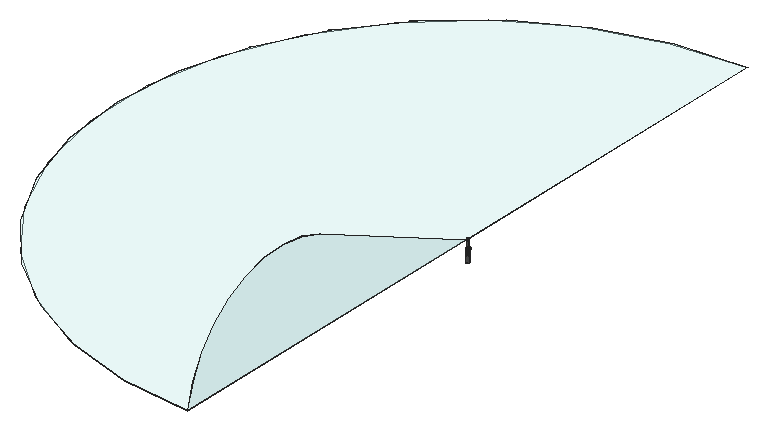
Revit family "Rotor 3500 Series - 3500SPCSAM", category Acessórios do tubo, Revit 2020
Family settings
  Cota do conector redondo = Utilizar diâmetro
  Tipo de parte = Normal
  Número OmniClass = 23.60.30.11.14
  Título OmniClass = Pipework Fittings
  Com base no plano de trabalho = Não
  Sempre na vertical = Sim
  Corte com vazios quando carregada = Não
  Compartilhado = Não
Parameters (values of type "Nozzle 0.75")
  Water = Water
  URL = "https://www.rainbird.com/"
  TABLE PRESSURE = "Press."
  TABLE 55 = "TABLE 55psi"
  TABLE 45 = "TABLE 45psi"
  TABLE 35 = "TABLE 35psi"
  TABLE 25 = "TABLE 25psi"
  SupportProjetos: Reviw Date = ""  # constant formula
  SupportProjetos: Reviw = "R00"  # constant formula
  SupportProjetos: Level of Detail = "LOD 300"  # constant formula
  SupportProjetos: Developed = "MICHEL SOARES MOTA"  # constant formula
  SupportProjetos: Creation Date = "06/08/2020"  # constant formula
  Side inlet = no
  Rotation Water Visibility [instance] = Pop up on  # yes
  Rotation Angle [instance] = 180.00°
  RainBird: Product Link = "https://www.rainbird.com/"
  RainBird: Description = "3500SPCSAM: 4 Rotor "  # constant formula
  RainBird: Comment [instance] = ""
  RainBird: Code = "Y34900"  # constant formula
  Radius [instance] = if(Instance = 1, size_lookup(TABLE PRESSURE, "Radius75", 0 ft, Pressure), if(Instance = 2, size_lookup(TABLE PRESSURE, "Radius1", 0 ft, Pressure), if(Instance = 3, size_lookup(TABLE PRESSURE, "Radius15", 0 ft, Pressure), if(Instance = 4, size_lookup(TABLE PRESSURE, "Radius2", 0 ft, Pressure), if(Instance = 5, size_lookup(TABLE PRESSURE, "Radius3", 0 ft, Pressure), if(Instance = 6, size_lookup(TABLE PRESSURE, "Radius4", 0 ft, Pressure), 0 ft))))))  # 15 ft
  RT = 0.009893 ft
  RN = 0.032808 ft
  R5 = 0.03937 ft
  R4 = 0.04101 ft
  R3 = 0.065617 ft
  R2 = 0.075407 ft
  R1 = 0.032808 ft
  Pressure [instance] = 25.0 psi
  Pop up height = 0.334646 ft
  Pop up on [instance] = yes
  Modelo = "3500SPCSAM"  # constant formula
  Instance = 1
  H1 = Body height / 3  # 0.194663 ft
  Flow [instance] = if(Pressure = 25.0 psi, size_lookup(TABLE 25, "Flow", 0.0 GPM, Radius), if(Pressure = 35.0 psi, size_lookup(TABLE 35, "Flow", 0.0 GPM, Radius), if(Pressure = 45.0 psi, size_lookup(TABLE 45, "Flow", 0.0 GPM, Radius), if(Pressure = 55.0 psi, size_lookup(TABLE 55, "Flow", 0.0 GPM, Radius), 0.0 GPM))))  # 0.54 GPM
  Fabricante = "Rain Bird"
  Elevação padrão = 0 ft
  Description = RainBird: Description  # "3500SPCSAM: 4 Rotor "
  DD13 = 0.002625 ft
  DD12 = 0.003937 ft
  DD11 = 0.009897 ft
  DD10 = 0.016404 ft
  DD8 [instance] = if(Pop up on, Pop up height, 0 ft)  # 0.334646 ft
  DD7 = 0.019685 ft
  DD6 [instance] = 0.016404 ft
  DD5 = 0.065617 ft
  DD4 = 0.032808 ft
  DD3 = 0.091048 ft
  DD2 [instance] = 0.024514 ft
  DD9 [instance] = if(Pop up on, Pop up height + 0.049541 ft, 0 ft)  # 0.384186 ft
  DD1 = 0.006562 ft
  Conection = 0.062664 ft  # constant formula
  Body height = 0.58399 ft
  Blue = Blue Plastic
  Black Plastic = Black Plastic
  Angle = 25.00°
Types (7, lengths in ft): name | Rotation Angle | Radius | Pressure | Instance | Flow
  (no name) | 180.00° | 15 | 25.0 psi | 1 | 0.54 GPM
  Nozzle 0.75 | 180.00° | 15 | 25.0 psi | 1 | 0.54 GPM
  Nozzle 1.0 | 360.00° | 21 | 35.0 psi | 2 | 0.92 GPM
  Nozzle 1.5 | 360.00° | 23 | 35.0 psi | 3 | 1.28 GPM
  Nozzle 2.0 | 360.00° | 27 | 35.0 psi | 4 | 1.69 GPM
  Nozzle 3.0 | 360.00° | 31 | 35.0 psi | 5 | 2.6 GPM
  Nozzle 4.0 | 360.00° | 33 | 35.0 psi | 6 | 3.58 GPM
Reference planes (ft)
  plane 1 "Centro (Frente/Trás)": y = 0
  plane 2: z = 0
  plane 3 "Centro (Esquerda/Direita)": x = 0
  plane 4: z = 0.003937
  plane 5: z = 0.002625
  plane 6: y = -0.065617
Forms (ft)
  Revolve 1, solid, material "Black Plastic" <- "Black Plastic"
    sketch origin (0, 0, 0) x (1, 0, 0) y (0, 0, 1)
      loop
        line (0.075407, -0.091048) -> (0.075407, -0.035324)
        arc (0.075407, -0.035324) -> (0.072509, -0.028329) -> (0.065514, -0.025431) r 0.009893
        line (0.065514, -0.025431) -> (0.046098, -0.025431) -> (0.046098, 0) -> (0.03937, 0) -> (0.03937, -0.334646) -> (0.019685, -0.334646) -> (0.019685, -0.577428) -> (0.032808, -0.577428) -> (0.032808, -0.58399) -> (0.04101, -0.58399) -> (0.04101, -0.577428) -> (0.055724, -0.577428)
        arc (0.055724, -0.577428) -> (0.062719, -0.57453) -> (0.065617, -0.567535) r 0.009893
        line (0.065617, -0.567535) -> (0.065617, -0.091048) -> (0.075407, -0.091048)
      axis (0, -0.58399) -> (0, 0)
    angle from 0 to 360
  Extrusion 2, solid, material "Black Plastic" <- "Black Plastic"
    sketch origin (0, 0, 0) x (1, 0, 0) y (0, 1, 0)
      loop
        circle (0, 0) r 0.032808
    from -0.334646 to 0.334646
  Extrusion 3, void
    sketch origin (0, 0, 0) x (1, 0, 0) y (0, 1, 0)
      loop
        circle (0, 0) r 0.022844
    from -0.334646 to 0.334646
  Revolve 4, solid, material "Black Plastic" <- "Black Plastic"
    sketch origin (0, 0, 0) x (1, 0, 0) y (0, 0, 1)
      loop
        line (0, 0.334646) -> (0.037004, 0.334646) -> (0.037004, 0.344543)
        arc (0.037004, 0.344543) -> (0.01879, 0.349436) -> (0, 0.35105) r 0.10685
        line (0, 0.35105) -> (0, 0.334646)
      axis (0, 0.334646) -> (0, 0.35105)
    angle from 0 to 360
  Extrusion 5, solid, material "Blue Plastic" <- "Blue"
    sketch origin (0, 0, 0) x (1, 0, 0) y (0, 0, 1)
      loop
        circle (0, 0.310131) r 0.009129
      loop
        circle (0, 0.310131) r 0.004793
    from 0 to 0.034386
  Extrusion 6, void
    sketch origin (0, 0, 0) x (1, 0, 0) y (0, 0, 1)
      loop
        line (-0.02074, 0.328055) -> (-0.02074, 0.282426) -> (0.020672, 0.282426) -> (0.020672, 0.328055) -> (-0.02074, 0.328055)
      loop
        line (-0.018439, 0.325179) -> (-0.018439, 0.285685) -> (0.018179, 0.285685) -> (0.018179, 0.325179) -> (-0.018439, 0.325179)
    from 0.024556 to 0.06931
  Extrusion 7, solid, material "Black Plastic" <- "Black Plastic"
    sketch origin (0, 0, 0) x (1, 0, 0) y (0, 0, 1)
      loop
        line (0.046098, 0) -> (0.046098, -0.036876) -> (0.073493, -0.036876) -> (0.046098, 0)
    from -0.002998 to 0.002998
  Extrusion 8, solid, material "Black Plastic" <- "Black Plastic"
    sketch origin (0, 0, 0) x (-1, 0, 0) y (0, 0, -1)
      loop
        line (0.046098, 0) -> (0.073493, 0.036876) -> (0.046098, 0.036876) -> (0.046098, 0)
    from -0.002998 to 0.002998
  Extrusion 9, solid, material "Black Plastic" <- "Black Plastic"
    sketch origin (0, 0, 0) x (0.866025, 0.5, 0) y (0, 0, 1)
      loop
        line (0.046098, 0) -> (0.046098, -0.036876) -> (0.073493, -0.036876) -> (0.046098, 0)
    from -0.002998 to 0.002998
  Extrusion 10, solid, material "Black Plastic" <- "Black Plastic"
    sketch origin (0, 0, 0) x (-0.866025, -0.5, 0) y (0, 0, -1)
      loop
        line (0.046098, 0) -> (0.073493, 0.036876) -> (0.046098, 0.036876) -> (0.046098, 0)
    from -0.002998 to 0.002998
  Extrusion 11, solid, material "Black Plastic" <- "Black Plastic"
    sketch origin (0, 0, 0) x (0, 1, 0) y (0, 0, 1)
      loop
        line (0.046098, 0) -> (0.046098, -0.036876) -> (0.073493, -0.036876) -> (0.046098, 0)
    from -0.002998 to 0.002998
  Extrusion 12, solid, material "Black Plastic" <- "Black Plastic"
    sketch origin (0, 0, 0) x (0, -1, 0) y (0, 0, -1)
      loop
        line (0.046098, 0) -> (0.073493, 0.036876) -> (0.046098, 0.036876) -> (0.046098, 0)
    from -0.002998 to 0.002998
  Extrusion 13, solid, material "Black Plastic" <- "Black Plastic"
    sketch origin (0, 0, 0) x (0.5, 0.866025, 0) y (0, 0, 1)
      loop
        line (0.046098, 0) -> (0.046098, -0.036876) -> (0.073493, -0.036876) -> (0.046098, 0)
    from -0.002998 to 0.002998
  Extrusion 14, solid, material "Black Plastic" <- "Black Plastic"
    sketch origin (0, 0, 0) x (-0.5, -0.866025, 0) y (0, 0, -1)
      loop
        line (0.046098, 0) -> (0.073493, 0.036876) -> (0.046098, 0.036876) -> (0.046098, 0)
    from -0.002998 to 0.002998
  Extrusion 15, solid, material "Black Plastic" <- "Black Plastic"
    sketch origin (0, 0, 0) x (-0.5, 0.866025, 0) y (0, 0, 1)
      loop
        line (0.046098, 0) -> (0.046098, -0.036876) -> (0.073493, -0.036876) -> (0.046098, 0)
    from -0.002998 to 0.002998
  Extrusion 16, solid, material "Black Plastic" <- "Black Plastic"
    sketch origin (0, 0, 0) x (0.5, -0.866025, 0) y (0, 0, -1)
      loop
        line (0.046098, 0) -> (0.073493, 0.036876) -> (0.046098, 0.036876) -> (0.046098, 0)
    from -0.002998 to 0.002998
  Extrusion 17, solid, material "Black Plastic" <- "Black Plastic"
    sketch origin (0, 0, 0) x (-0.866025, 0.5, 0) y (0, 0, 1)
      loop
        line (0.046098, 0) -> (0.046098, -0.036876) -> (0.073493, -0.036876) -> (0.046098, 0)
    from -0.002998 to 0.002998
  Extrusion 18, solid, material "Black Plastic" <- "Black Plastic"
    sketch origin (0, 0, 0) x (0.866025, -0.5, 0) y (0, 0, -1)
      loop
        line (0.046098, 0) -> (0.073493, 0.036876) -> (0.046098, 0.036876) -> (0.046098, 0)
    from -0.002998 to 0.002998
  Extrusion 19, void
    sketch origin (0, 0, 0) x (1, 0, 0) y (0, 1, 0)
      loop
        line (-0.002998, 0.077702) -> (-0.002998, 0.071655) -> (0.002998, 0.071655) -> (0.002998, 0.077702) -> (-0.002998, 0.077702)
    from -0.091048 to 0.82021
  Extrusion 20, void
    sketch origin (0, 0, 0) x (1, 0, 0) y (0, 1, 0)
      loop
        line (0.002998, -0.077702) -> (0.002998, -0.071655) -> (-0.002998, -0.071655) -> (-0.002998, -0.077702) -> (0.002998, -0.077702)
    from -0.091048 to 0.82021
  Extrusion 21, void
    sketch origin (0, 0, 0) x (0.965926, 0.258819, 0) y (-0.258819, 0.965926, 0)
      loop
        line (-0.002998, 0.077702) -> (-0.002998, 0.071655) -> (0.002998, 0.071655) -> (0.002998, 0.077702) -> (-0.002998, 0.077702)
    from -0.091048 to 0.82021
  Extrusion 22, void
    sketch origin (0, 0, 0) x (0.965926, 0.258819, 0) y (-0.258819, 0.965926, 0)
      loop
        line (0.002998, -0.077702) -> (0.002998, -0.071655) -> (-0.002998, -0.071655) -> (-0.002998, -0.077702) -> (0.002998, -0.077702)
    from -0.091048 to 0.82021
  Extrusion 23, void
    sketch origin (0, 0, 0) x (0.866025, 0.5, 0) y (-0.5, 0.866025, 0)
      loop
        line (-0.002998, 0.077702) -> (-0.002998, 0.071655) -> (0.002998, 0.071655) -> (0.002998, 0.077702) -> (-0.002998, 0.077702)
    from -0.091048 to 0.82021
  Extrusion 24, void
    sketch origin (0, 0, 0) x (0.866025, 0.5, 0) y (-0.5, 0.866025, 0)
      loop
        line (0.002998, -0.077702) -> (0.002998, -0.071655) -> (-0.002998, -0.071655) -> (-0.002998, -0.077702) -> (0.002998, -0.077702)
    from -0.091048 to 0.82021
  Extrusion 25, void
    sketch origin (0, 0, 0) x (0.5, 0.866025, 0) y (-0.866025, 0.5, 0)
      loop
        line (-0.002998, 0.077702) -> (-0.002998, 0.071655) -> (0.002998, 0.071655) -> (0.002998, 0.077702) -> (-0.002998, 0.077702)
    from -0.091048 to 0.82021
  Extrusion 26, void
    sketch origin (0, 0, 0) x (0.5, 0.866025, 0) y (-0.866025, 0.5, 0)
      loop
        line (0.002998, -0.077702) -> (0.002998, -0.071655) -> (-0.002998, -0.071655) -> (-0.002998, -0.077702) -> (0.002998, -0.077702)
    from -0.091048 to 0.82021
  Extrusion 27, void
    sketch origin (0, 0, 0) x (0.707107, 0.707107, 0) y (-0.707107, 0.707107, 0)
      loop
        line (-0.002998, 0.077702) -> (-0.002998, 0.071655) -> (0.002998, 0.071655) -> (0.002998, 0.077702) -> (-0.002998, 0.077702)
    from -0.091048 to 0.82021
  Extrusion 28, void
    sketch origin (0, 0, 0) x (0.707107, 0.707107, 0) y (-0.707107, 0.707107, 0)
      loop
        line (0.002998, -0.077702) -> (0.002998, -0.071655) -> (-0.002998, -0.071655) -> (-0.002998, -0.077702) -> (0.002998, -0.077702)
    from -0.091048 to 0.82021
  Extrusion 29, void
    sketch origin (0, 0, 0) x (0.258819, 0.965926, 0) y (-0.965926, 0.258819, 0)
      loop
        line (-0.002998, 0.077702) -> (-0.002998, 0.071655) -> (0.002998, 0.071655) -> (0.002998, 0.077702) -> (-0.002998, 0.077702)
    from -0.091048 to 0.82021
  Extrusion 30, void
    sketch origin (0, 0, 0) x (0.258819, 0.965926, 0) y (-0.965926, 0.258819, 0)
      loop
        line (0.002998, -0.077702) -> (0.002998, -0.071655) -> (-0.002998, -0.071655) -> (-0.002998, -0.077702) -> (0.002998, -0.077702)
    from -0.091048 to 0.82021
  Extrusion 31, void
    sketch origin (0, 0, 0) x (0, 1, 0) y (-1, 0, 0)
      loop
        line (-0.002998, 0.077702) -> (-0.002998, 0.071655) -> (0.002998, 0.071655) -> (0.002998, 0.077702) -> (-0.002998, 0.077702)
    from -0.091048 to 0.82021
  Extrusion 32, void
    sketch origin (0, 0, 0) x (0, 1, 0) y (-1, 0, 0)
      loop
        line (0.002998, -0.077702) -> (0.002998, -0.071655) -> (-0.002998, -0.071655) -> (-0.002998, -0.077702) -> (0.002998, -0.077702)
    from -0.091048 to 0.82021
  Extrusion 33, void
    sketch origin (0, 0, 0) x (-0.258819, 0.965926, 0) y (-0.965926, -0.258819, 0)
      loop
        line (-0.002998, 0.077702) -> (-0.002998, 0.071655) -> (0.002998, 0.071655) -> (0.002998, 0.077702) -> (-0.002998, 0.077702)
    from -0.091048 to 0.82021
  Extrusion 34, void
    sketch origin (0, 0, 0) x (-0.258819, 0.965926, 0) y (-0.965926, -0.258819, 0)
      loop
        line (0.002998, -0.077702) -> (0.002998, -0.071655) -> (-0.002998, -0.071655) -> (-0.002998, -0.077702) -> (0.002998, -0.077702)
    from -0.091048 to 0.82021
  Extrusion 35, void
    sketch origin (0, 0, 0) x (-0.5, 0.866025, 0) y (-0.866025, -0.5, 0)
      loop
        line (-0.002998, 0.077702) -> (-0.002998, 0.071655) -> (0.002998, 0.071655) -> (0.002998, 0.077702) -> (-0.002998, 0.077702)
    from -0.091048 to 0.82021
  Extrusion 36, void
    sketch origin (0, 0, 0) x (-0.5, 0.866025, 0) y (-0.866025, -0.5, 0)
      loop
        line (0.002998, -0.077702) -> (0.002998, -0.071655) -> (-0.002998, -0.071655) -> (-0.002998, -0.077702) -> (0.002998, -0.077702)
    from -0.091048 to 0.82021
  Extrusion 37, void
    sketch origin (0, 0, 0) x (-0.707107, 0.707107, 0) y (-0.707107, -0.707107, 0)
      loop
        line (-0.002998, 0.077702) -> (-0.002998, 0.071655) -> (0.002998, 0.071655) -> (0.002998, 0.077702) -> (-0.002998, 0.077702)
    from -0.091048 to 0.82021
  Extrusion 38, void
    sketch origin (0, 0, 0) x (-0.707107, 0.707107, 0) y (-0.707107, -0.707107, 0)
      loop
        line (0.002998, -0.077702) -> (0.002998, -0.071655) -> (-0.002998, -0.071655) -> (-0.002998, -0.077702) -> (0.002998, -0.077702)
    from -0.091048 to 0.82021
  Extrusion 39, void
    sketch origin (0, 0, 0) x (-0.866025, 0.5, 0) y (-0.5, -0.866025, 0)
      loop
        line (-0.002998, 0.077702) -> (-0.002998, 0.071655) -> (0.002998, 0.071655) -> (0.002998, 0.077702) -> (-0.002998, 0.077702)
    from -0.091048 to 0.82021
  Extrusion 40, void
    sketch origin (0, 0, 0) x (-0.866025, 0.5, 0) y (-0.5, -0.866025, 0)
      loop
        line (0.002998, -0.077702) -> (0.002998, -0.071655) -> (-0.002998, -0.071655) -> (-0.002998, -0.077702) -> (0.002998, -0.077702)
    from -0.091048 to 0.82021
  Extrusion 41, void
    sketch origin (0, 0, 0) x (-0.965926, 0.258819, 0) y (-0.258819, -0.965926, 0)
      loop
        line (-0.002998, 0.077702) -> (-0.002998, 0.071655) -> (0.002998, 0.071655) -> (0.002998, 0.077702) -> (-0.002998, 0.077702)
    from -0.091048 to 0.82021
  Extrusion 42, void
    sketch origin (0, 0, 0) x (-0.965926, 0.258819, 0) y (-0.258819, -0.965926, 0)
      loop
        line (0.002998, -0.077702) -> (0.002998, -0.071655) -> (-0.002998, -0.071655) -> (-0.002998, -0.077702) -> (0.002998, -0.077702)
    from -0.091048 to 0.82021
  Extrusion 43, solid, material "Water" <- "Water", visible <- "Rotation Water Visibility"
    sketch origin (0, 0, 0) x (0, 1, 0) y (0, 0, 1)
      loop
        line (-0.032808, 0.310131) -> (-7.934519, 3.994759)
        arc (-7.934519, 3.994759) -> (-12.390858, 3.90012) -> (-15.032808, 0.310131) r 5.044915
        line (-15.032808, 0.310131) -> (-0.032808, 0.310131)
    from -0.008202 to 0.008202
Cuts and joins
  Extrusion 3, Extrusion 6 cuts Extrusion 2
  Extrusion 19, Extrusion 20, Extrusion 21, Extrusion 22, Extrusion 23, Extrusion 24, Extrusion 25, Extrusion 26, Extrusion 27, Extrusion 28, Extrusion 29, Extrusion 30, Extrusion 31, Extrusion 32, Extrusion 33, Extrusion 34, Extrusion 35, Extrusion 36, Extrusion 37, Extrusion 38, Extrusion 39, Extrusion 40, Extrusion 41, Extrusion 42 cuts Revolve 1
Dimensions and locks (ft)
  "Body height": level to Revolve 1 sketch curve
  "R2": Revolve 1 sketch curve to plane 3 "Centro (Esquerda/Direita)"
  "DD1": Revolve 1 sketch curve to Revolve 1 sketch curve
  "DD3": level to Revolve 1 sketch curve
  Revolve 1 sketch curve to plane 3 "Centro (Esquerda/Direita)" = 0.065617 ft
  "R4": Revolve 1 sketch curve to plane 3 "Centro (Esquerda/Direita)"
  "RN": Revolve 1 sketch curve to plane 3 "Centro (Esquerda/Direita)"
  "Pop up height": level to Revolve 1 sketch curve
  "R5": plane 3 "Centro (Esquerda/Direita)" to Revolve 1 sketch curve
  "DD7": Revolve 1 sketch curve to plane 3 "Centro (Esquerda/Direita)"
  "DD8": Extrusion 2 to level
  "DD12": plane 4 to level
  "DD13": plane 5 to level
  "R3": plane 6 to plane 1 "Centro (Frente/Trás)"
  "DD5": Revolve 1 sketch curve to Revolve 1 sketch curve
  "DD10": Revolve 4 sketch curve to Revolve 4 sketch curve
  "DD11": Revolve 4 sketch curve to Revolve 4 sketch curve
  "DD2": Revolve 4 to Extrusion 5 sketch curve  (x2)
  Extrusion 7 to plane 3 "Centro (Esquerda/Direita)" = 0.046098 ft
  equal spacing: Extrusion 7, plane 1 "Centro (Frente/Trás)", Extrusion 7
  Extrusion 8 to Extrusion 8 = 0.005995 ft
  Extrusion 9 to Extrusion 9 = 0.005995 ft
  Extrusion 20 sketch curve to Extrusion 20 sketch curve = 0.005995 ft
  Extrusion 22 sketch curve to Extrusion 22 sketch curve = 0.005995 ft
  Extrusion 24 sketch curve to Extrusion 24 sketch curve = 0.005995 ft
  Extrusion 26 sketch curve to Extrusion 26 sketch curve = 0.005995 ft
  Extrusion 28 sketch curve to Extrusion 28 sketch curve = 0.005995 ft
  Extrusion 30 sketch curve to Extrusion 30 sketch curve = 0.005995 ft
  Extrusion 32 sketch curve to Extrusion 32 sketch curve = 0.005995 ft
  Extrusion 34 sketch curve to Extrusion 34 sketch curve = 0.005995 ft
  Extrusion 36 sketch curve to Extrusion 36 sketch curve = 0.005995 ft
  Extrusion 38 sketch curve to Extrusion 38 sketch curve = 0.005995 ft
  Extrusion 40 sketch curve to Extrusion 40 sketch curve = 0.005995 ft
  Extrusion 42 sketch curve to Extrusion 42 sketch curve = 0.005995 ft
  "DD4": plane 1 "Centro (Frente/Trás)" to Extrusion 43 sketch curve
  "DD2": Revolve 4 to Extrusion 43 sketch curve
  "Radius": Extrusion 43 sketch curve to Extrusion 43 sketch curve
  equal spacing: Extrusion 43, plane 3 "Centro (Esquerda/Direita)", Extrusion 43
  "DD6": Extrusion 43 to Extrusion 43
  "DD2": Revolve 4 to nested 1
  "RT": radius of Revolve 1 sketch curve  (x2)
  "R1": radius of Extrusion 2 sketch curve
  "Angle": angle Extrusion 43 sketch curve to Extrusion 43 sketch curve
  aligned and locked: level to plane 2
  aligned and locked: Revolve 1 sketch curve to Revolve 1 sketch curve
  aligned and locked: Extrusion 2 to Revolve 1
  aligned and locked: cut or joined group of Extrusion 2, Extrusion 3, Extrusion 6 to cut or joined group of Extrusion 2, Extrusion 3, Extrusion 6  (x2)
  aligned and locked: Revolve 4 sketch curve to cut or joined group of Extrusion 2, Extrusion 3, Extrusion 6
  aligned and locked: Extrusion 20 to Revolve 1
  aligned and locked: Extrusion 22 to Revolve 1
  aligned and locked: Extrusion 24 to Revolve 1
  aligned and locked: Extrusion 28 to Revolve 1
  aligned and locked: Extrusion 26 to Revolve 1
  aligned and locked: Extrusion 30 to Revolve 1
  aligned and locked: Extrusion 32 to Revolve 1
  aligned and locked: Extrusion 34 to Revolve 1
  aligned and locked: Revolve 1 to Extrusion 36
  aligned and locked: Revolve 1 to Extrusion 38
  aligned and locked: Extrusion 41 to Revolve 1
  aligned and locked: Extrusion 39 to Revolve 1
  aligned and locked: Extrusion 37 to Revolve 1
  aligned and locked: Extrusion 35 to Revolve 1
  aligned and locked: Extrusion 33 to Revolve 1
  aligned and locked: Extrusion 31 to Revolve 1
  aligned and locked: Extrusion 29 to Revolve 1
  aligned and locked: Revolve 1 to Extrusion 25
  aligned and locked: Revolve 1 to Extrusion 27
  aligned and locked: Revolve 1 to Extrusion 19
  aligned and locked: Revolve 1 to Extrusion 21
  aligned and locked: Revolve 1 to Extrusion 42
  aligned and locked: Revolve 1 to Extrusion 40
  aligned and locked: Revolve 1 to Extrusion 23
Automatic sketch dimensions
  plane 1 "Centro (Frente/Trás)" to Extrusion 2 sketch curve = 0 ft
  Extrusion 2 sketch curve to plane 3 "Centro (Esquerda/Direita)" = 0 ft
  plane 1 "Centro (Frente/Trás)" to Extrusion 3 sketch curve = 0 ft
  Extrusion 3 sketch curve to plane 3 "Centro (Esquerda/Direita)" = 0 ft
  Revolve 4 sketch curve to plane 3 "Centro (Esquerda/Direita)" = 0 ft  (x2)
  plane 3 "Centro (Esquerda/Direita)" to Revolve 4 sketch curve = 0.000284 ft
  plane 3 "Centro (Esquerda/Direita)" to Revolve 4 sketch curve = 0.037004 ft
  Revolve 4 sketch curve to Revolve 4 sketch curve = 0.015719 ft
  Revolve 4 sketch curve to Revolve 4 sketch curve = 0.114829 ft
  Extrusion 5 sketch curve to Extrusion 5 sketch curve = 0 ft
  Extrusion 5 sketch curve to plane 3 "Centro (Esquerda/Direita)" = 0 ft
  Extrusion 6 sketch curve to plane 3 "Centro (Esquerda/Direita)" = 0.02074 ft
  Extrusion 6 sketch curve to Extrusion 6 sketch curve = 0.002301 ft
  plane 3 "Centro (Esquerda/Direita)" to Extrusion 6 sketch curve = 0.018179 ft
  Extrusion 6 sketch curve to Extrusion 6 sketch curve = 0.002492 ft
  plane 4 to Extrusion 6 sketch curve = 0.278489 ft
  Extrusion 6 sketch curve to Extrusion 6 sketch curve = 0.003259 ft
  Extrusion 6 sketch curve to Extrusion 6 sketch curve = 0.039494 ft
  Extrusion 6 sketch curve to Extrusion 6 sketch curve = 0.002876 ft
  Extrusion 7 sketch curve to level = 0 ft
  plane 3 "Centro (Esquerda/Direita)" to Extrusion 7 sketch curve = 0.046098 ft
  Extrusion 7 sketch curve to Extrusion 7 sketch curve = 0.027396 ft
  Extrusion 7 sketch curve to Extrusion 7 sketch curve = 0.036876 ft
  Extrusion 8 sketch curve to level = 0 ft
  plane 3 "Centro (Esquerda/Direita)" to Extrusion 8 sketch curve = 0.046098 ft
  Extrusion 8 sketch curve to Extrusion 8 sketch curve = 0.027396 ft
  Extrusion 8 sketch curve to Extrusion 8 sketch curve = 0.036876 ft
  Extrusion 9 sketch curve to level = 0 ft
  Extrusion 9 sketch curve to level = 0.036876 ft
  Extrusion 9 sketch curve to Extrusion 9 sketch curve = 0.027396 ft
  Extrusion 10 sketch curve to level = 0 ft
  Extrusion 10 sketch curve to level = 0.036876 ft
  Extrusion 10 sketch curve to Extrusion 10 sketch curve = 0.027396 ft
  Extrusion 11 sketch curve to level = 0 ft
  Extrusion 11 sketch curve to plane 1 "Centro (Frente/Trás)" = 0.046098 ft
  Extrusion 11 sketch curve to Extrusion 11 sketch curve = 0.027396 ft
  Extrusion 11 sketch curve to Extrusion 11 sketch curve = 0.036876 ft
  Extrusion 12 sketch curve to level = 0 ft
  plane 6 to Extrusion 12 sketch curve = 0.019519 ft
  Extrusion 12 sketch curve to plane 6 = 0.007877 ft
  Extrusion 12 sketch curve to level = 0.036876 ft
  Extrusion 13 sketch curve to level = 0 ft
  Extrusion 13 sketch curve to level = 0.036876 ft
  Extrusion 13 sketch curve to Extrusion 13 sketch curve = 0.027396 ft
  Extrusion 14 sketch curve to level = 0 ft
  Extrusion 14 sketch curve to level = 0.036876 ft
  Extrusion 14 sketch curve to Extrusion 14 sketch curve = 0.027396 ft
  level to Extrusion 15 sketch curve = 0 ft
  Extrusion 15 sketch curve to level = 0.036876 ft
  Extrusion 15 sketch curve to Extrusion 15 sketch curve = 0.027396 ft
  level to Extrusion 16 sketch curve = 0 ft
  Extrusion 16 sketch curve to level = 0.036876 ft
  Extrusion 16 sketch curve to Extrusion 16 sketch curve = 0.027396 ft
  level to Extrusion 17 sketch curve = 0 ft
  Extrusion 17 sketch curve to level = 0.036876 ft
  Extrusion 17 sketch curve to Extrusion 17 sketch curve = 0.027396 ft
  level to Extrusion 18 sketch curve = 0 ft
  Extrusion 18 sketch curve to level = 0.036876 ft
  Extrusion 18 sketch curve to Extrusion 18 sketch curve = 0.027396 ft
  Extrusion 19 sketch curve to plane 3 "Centro (Esquerda/Direita)" = 0.002998 ft
  Extrusion 19 sketch curve to plane 1 "Centro (Frente/Trás)" = 0.071655 ft
  Extrusion 19 sketch curve to Extrusion 19 sketch curve = 0.006047 ft
  plane 3 "Centro (Esquerda/Direita)" to Extrusion 20 sketch curve = 0.002998 ft
  plane 6 to Extrusion 20 sketch curve = 0.006038 ft
  Extrusion 20 sketch curve to Extrusion 20 sketch curve = 0.006047 ft
  plane 3 "Centro (Esquerda/Direita)" to Extrusion 19 sketch curve = 0.002998 ft
  Extrusion 21 sketch curve to plane 3 "Centro (Esquerda/Direita)" = 0.021441 ft
  Extrusion 21 sketch curve to plane 1 "Centro (Frente/Trás)" = 0.068438 ft
  Extrusion 21 sketch curve to Extrusion 21 sketch curve = 0.005995 ft
  Extrusion 21 sketch curve to Extrusion 21 sketch curve = 0.006047 ft
  Extrusion 22 sketch curve to plane 6 = 0.010213 ft
  plane 3 "Centro (Esquerda/Direita)" to Extrusion 22 sketch curve = 0.017215 ft
  Extrusion 22 sketch curve to Extrusion 22 sketch curve = 0.006047 ft
  Extrusion 23 sketch curve to plane 3 "Centro (Esquerda/Direita)" = 0.038424 ft
  Extrusion 23 sketch curve to plane 1 "Centro (Frente/Trás)" = 0.060556 ft
  Extrusion 23 sketch curve to Extrusion 23 sketch curve = 0.005995 ft
  Extrusion 23 sketch curve to Extrusion 23 sketch curve = 0.006047 ft
  Extrusion 24 sketch curve to plane 6 = 0.003174 ft
  plane 3 "Centro (Esquerda/Direita)" to Extrusion 24 sketch curve = 0.036255 ft
  Extrusion 24 sketch curve to Extrusion 24 sketch curve = 0.006047 ft
  Extrusion 25 sketch curve to plane 1 "Centro (Frente/Trás)" = 0.033231 ft
  Extrusion 25 sketch curve to plane 3 "Centro (Esquerda/Direita)" = 0.063554 ft
  Extrusion 25 sketch curve to Extrusion 25 sketch curve = 0.005995 ft
  Extrusion 25 sketch curve to Extrusion 25 sketch curve = 0.006047 ft
  Extrusion 26 sketch curve to plane 6 = 0.02417 ft
  Extrusion 26 sketch curve to plane 3 "Centro (Esquerda/Direita)" = 0.065793 ft
  Extrusion 26 sketch curve to Extrusion 26 sketch curve = 0.006047 ft
  Extrusion 27 sketch curve to plane 1 "Centro (Frente/Trás)" = 0.048548 ft
  Extrusion 27 sketch curve to plane 3 "Centro (Esquerda/Direita)" = 0.052787 ft
  Extrusion 27 sketch curve to Extrusion 27 sketch curve = 0.005995 ft
  Extrusion 27 sketch curve to Extrusion 27 sketch curve = 0.006047 ft
  plane 6 to Extrusion 28 sketch curve = 0.008554 ft
  plane 3 "Centro (Esquerda/Direita)" to Extrusion 28 sketch curve = 0.052824 ft
  Extrusion 28 sketch curve to Extrusion 28 sketch curve = 0.006047 ft
  Extrusion 29 sketch curve to plane 1 "Centro (Frente/Trás)" = 0.01565 ft
  Extrusion 29 sketch curve to plane 3 "Centro (Esquerda/Direita)" = 0.069989 ft
  Extrusion 29 sketch curve to Extrusion 29 sketch curve = 0.005995 ft
  Extrusion 29 sketch curve to Extrusion 29 sketch curve = 0.006047 ft
  plane 1 "Centro (Frente/Trás)" to Extrusion 30 sketch curve = 0.023006 ft
  plane 3 "Centro (Esquerda/Direita)" to Extrusion 30 sketch curve = 0.074278 ft
  Extrusion 30 sketch curve to Extrusion 30 sketch curve = 0.006047 ft
  plane 1 "Centro (Frente/Trás)" to Extrusion 31 sketch curve = 0.002998 ft
  Extrusion 31 sketch curve to plane 1 "Centro (Frente/Trás)" = 0.002998 ft
  Extrusion 31 sketch curve to plane 3 "Centro (Esquerda/Direita)" = 0.071655 ft
  Extrusion 31 sketch curve to Extrusion 31 sketch curve = 0.006047 ft
  plane 1 "Centro (Frente/Trás)" to Extrusion 32 sketch curve = 0.002998 ft
  plane 3 "Centro (Esquerda/Direita)" to Extrusion 32 sketch curve = 0.077702 ft
  Extrusion 32 sketch curve to Extrusion 32 sketch curve = 0.006047 ft
  plane 1 "Centro (Frente/Trás)" to Extrusion 33 sketch curve = 0.021441 ft
  Extrusion 33 sketch curve to plane 3 "Centro (Esquerda/Direita)" = 0.068438 ft
  Extrusion 33 sketch curve to Extrusion 33 sketch curve = 0.005995 ft
  Extrusion 33 sketch curve to Extrusion 33 sketch curve = 0.006047 ft
  Extrusion 34 sketch curve to plane 1 "Centro (Frente/Trás)" = 0.017215 ft
  plane 3 "Centro (Esquerda/Direita)" to Extrusion 34 sketch curve = 0.07583 ft
  Extrusion 34 sketch curve to Extrusion 34 sketch curve = 0.006047 ft
  plane 6 to Extrusion 35 sketch curve = 0.027193 ft
  Extrusion 35 sketch curve to plane 3 "Centro (Esquerda/Direita)" = 0.060556 ft
  Extrusion 35 sketch curve to Extrusion 35 sketch curve = 0.005995 ft
  Extrusion 35 sketch curve to Extrusion 35 sketch curve = 0.006047 ft
  Extrusion 36 sketch curve to plane 1 "Centro (Frente/Trás)" = 0.036255 ft
  plane 3 "Centro (Esquerda/Direita)" to Extrusion 36 sketch curve = 0.068791 ft
  Extrusion 36 sketch curve to Extrusion 36 sketch curve = 0.006047 ft
  plane 6 to Extrusion 37 sketch curve = 0.012829 ft
  Extrusion 37 sketch curve to plane 3 "Centro (Esquerda/Direita)" = 0.048548 ft
  Extrusion 37 sketch curve to Extrusion 37 sketch curve = 0.005995 ft
  Extrusion 37 sketch curve to Extrusion 37 sketch curve = 0.006047 ft
  Extrusion 38 sketch curve to plane 1 "Centro (Frente/Trás)" = 0.052824 ft
  plane 3 "Centro (Esquerda/Direita)" to Extrusion 38 sketch curve = 0.057063 ft
  Extrusion 38 sketch curve to Extrusion 38 sketch curve = 0.006047 ft
  plane 6 to Extrusion 39 sketch curve = 0.002063 ft
  Extrusion 39 sketch curve to plane 3 "Centro (Esquerda/Direita)" = 0.033231 ft
  Extrusion 39 sketch curve to Extrusion 39 sketch curve = 0.005995 ft
  Extrusion 39 sketch curve to Extrusion 39 sketch curve = 0.006047 ft
  plane 3 "Centro (Esquerda/Direita)" to Extrusion 40 sketch curve = 0.041447 ft
  Extrusion 40 sketch curve to plane 1 "Centro (Frente/Trás)" = 0.065793 ft
  Extrusion 40 sketch curve to Extrusion 40 sketch curve = 0.006047 ft
  Extrusion 41 sketch curve to plane 6 = 0.004372 ft
  Extrusion 41 sketch curve to plane 3 "Centro (Esquerda/Direita)" = 0.01565 ft
  Extrusion 41 sketch curve to Extrusion 41 sketch curve = 0.005995 ft
  Extrusion 41 sketch curve to Extrusion 41 sketch curve = 0.006047 ft
  plane 3 "Centro (Esquerda/Direita)" to Extrusion 42 sketch curve = 0.023006 ft
  Extrusion 42 sketch curve to plane 1 "Centro (Frente/Trás)" = 0.074278 ft
  Extrusion 42 sketch curve to Extrusion 42 sketch curve = 0.006047 ft
  Revolve 1 sketch curve to plane 3 "Centro (Esquerda/Direita)" = 0 ft
  Revolve 1 sketch curve to level = 0 ft
  Revolve 1 sketch curve to Revolve 1 sketch curve = 0.019416 ft
  plane 4 to Revolve 1 sketch curve = 0.079347 ft
  Revolve 1 sketch curve to Revolve 1 sketch curve = 0.918635 ft
  Extrusion 43 sketch curve to level = 0.577487 ft
  radius of Extrusion 3 sketch curve = 0.022844 ft
  radius of Extrusion 5 sketch curve = 0.009129 ft
  radius of Extrusion 5 sketch curve = 0.004793 ft
Nested families (ft)
  nested 1: "Water" at (-0.00027, 0, 0.190873) x (0, -1, 0) z (0, 0, 1), DT9 <- "DD4", Radius <- "Radius", visible <- "Rotation Water Visibility", Rotation Angle <- "Rotation Angle", type "Water"
    with Rotation Angle 180.00°, Radius 15 ft, DT9 0.032808 ft, DT8 0 ft, DT7 60 ft, DT4 75 ft, Angle 2 180.00°
Connectors (ft)
  piping at (0, 0, -0.58399), diameter 2
    settings: on cut or joined group of Revolve 1, Extrusion 19, Extrusion 20, Extrusion 21, Extrusion 22, Extrusion 23, Extrusion 24, Extrusion 25, Extrusion 26, Extrusion 27, Extrusion 28, Extrusion 29, Extrusion 30, Extrusion 31, Extrusion 32, Extrusion 33, Extrusion 34, Extrusion 35, Extrusion 36, Extrusion 37, Extrusion 38, Extrusion 39, Extrusion 40, Extrusion 41, Extrusion 42, index 1, connector inside diameter 609.6 mm, connector length 0 ft, flow factor 0, pipe flow 0.0 GPM, pressure drop 0.0 psi, fitting loss kfactor 0, connector angle 0.00°, fixture units 0, engagement length 0 ft, angle of deflection 0.00°, flow configuration 0, flow direction 0, fitting loss method 0, system type 28, joint type 0, gender type 0, connector reference index -1, connector utility 0, adjustable connector no, is connector primary yes, connector description ""
Definition of nested family "Water"
  Parameters (values of type "Water")
    Water Visibility (Circle) = yes
    Water = none
    URL = ""
    SupportProjetos: Reviw Date = ""  # constant formula
    SupportProjetos: Level of Detail = "LOD 300"  # constant formula
    SupportProjetos: Developed = "MICHEL SOARES MOTA"  # constant formula
    SupportProjetos: Creation Date = "16/07/2020"  # constant formula
    Rotation Angle [instance] = 90.00°
    Reviw = "R00"  # constant formula
    Radius [instance] = 14 ft
    Model = ""
    Default Elevation = 4 ft
    Description = ""
    DT9 [instance] = 0.032808 ft
    DT8 [instance] = if(Rotation Angle = 360.00°, 10 ft, 0 ft)  # 0 ft
    DT7 [instance] = 4 * Radius  # 56 ft
    DT4 [instance] = 5 * Radius  # 70 ft
    DT2 = 0.098425 ft  # constant formula
    DT6 = 0 ft
    Angle 2 [instance] = if(Rotation Angle = 360.00°, 180.00°, 360.00° - Rotation Angle)  # 270.00°
  Reference planes (ft)
    plane 1 "Centro (Frente/Trás)": y = 0
    plane 2: z = 0
    plane 3 "Centro (Esquerda/Direita)": x = 0
  Forms (ft)
    Revolve 1, solid, material <- "Water", visible <- "Water Visibility (Circle)"
      sketch origin (0, 0, 0) x (1, 0, 0) y (0, 0, 1)
        loop
          line (0.032808, 0.098425) -> (14.032808, 0.098425) -> (14.032808, 0.119259) -> (0.032808, 0.119259) -> (0.032808, 0.098425)
        axis (0, 0.098425) -> (0, 0.119259)
      angle from 0 to 360
    Extrusion 2, void
      sketch origin (0, 0, 0) x (1, 0, 0) y (0, 1, 0)
        loop
          line (0, 0) -> (70, 0) -> (70, 56)
          arc (70, 56) -> (-70.459018, 51.588344) -> (0, -70) r 81.847109
          line (0, -70) -> (0, 0)
      from 0 to 15.189231
  Cuts and joins
    Extrusion 2 cuts Revolve 1
  Dimensions and locks (ft)
    "DT2": Revolve 1 sketch curve to level
    "DT4": Extrusion 2 sketch curve to Extrusion 2 sketch curve  (x2)
    "DT6": Extrusion 2 sketch curve to plane 3 "Centro (Esquerda/Direita)"
    "DT7": Extrusion 2 sketch curve to Extrusion 2 sketch curve
    "DT8": cut or joined group of Revolve 1, Extrusion 2 to level
    "Radius": Revolve 1 sketch curve to Revolve 1 sketch curve
    "DT9": Revolve 1 sketch curve to plane 3 "Centro (Esquerda/Direita)"
    "Angle 2": angle Extrusion 2 sketch curve to Extrusion 2 sketch curve
    aligned and locked: level to plane 2
    aligned and locked: plane 1 "Centro (Frente/Trás)" to Extrusion 2 sketch curve
  Automatic sketch dimensions
    plane 3 "Centro (Esquerda/Direita)" to Extrusion 2 sketch curve = 1.088227 ft
    Revolve 1 sketch curve to plane 3 "Centro (Esquerda/Direita)" = 0 ft
    Revolve 1 sketch curve to Revolve 1 sketch curve = 0.020833 ft
    Revolve 1 sketch curve to Revolve 1 sketch curve = 0.032113 ft
    Revolve 1 sketch curve to Revolve 1 sketch curve = 10.2693 ft
